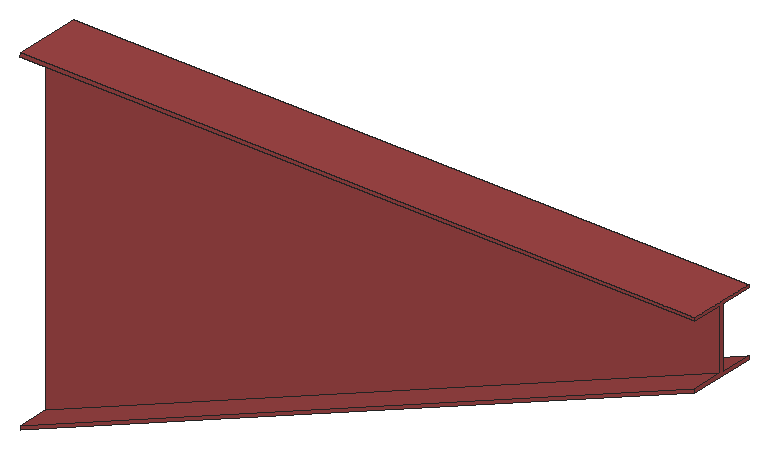
Revit family "Misula_Aco_Lam_UB", category Structural Framing, Revit 2025
Family settings
  Section Shape = I-shape Parallel Flange
  Material for Model Behavior = Steel
  Always export as geometry = No
  OmniClass Number = 23.25.30.11.14.14
  OmniClass Title = Beams
  Always vertical = Yes
  Cut with Voids When Loaded = No
  Symbolic Representation = From Family
  Shared = Yes
  Show family pre-cut in plan views = Yes
Parameters (values of type "VIG_MEN_100X020")
  t = 0.015 m
  s = 0.006 m
  h = 0.600 m
  b = 0.250 m
  Structural Material [instance] = CT_Estrutura_Metalica
  Mensula_L = 0.200 m
  Mensula_H_Menor = 0.200 m
  Mensula_H_Maior = 1.000 m
  Length [instance] = 3.000 m
Reference planes (m)
  plane 1 "Center (Front/Back)": y = 0
  plane 2 "Center Elevation": z = 0
  plane 3 "Center (Left/Right)": x = 0
  plane 4 "Left": x = -1.5
  plane 5 "Member Left": x = -1.25
  plane 6 "Stick Symbol Left": x = -1
  plane 7 "Right": x = 1.5
  plane 8 "Member Right": x = 1.25
  plane 9 "Stick Symbol Right": x = 1
  plane 10: y = -0.1
  plane 11: y = 0.1
  plane 12: z = 0.15
  plane 13: z = -0.85
  plane 14: z = 0.15
  plane 15: z = -0.05
Forms (m)
  SweptBlend 1, solid, material "CT_Estrutura_Metalica" <- "Structural Material"
    path in 3D
      loop
        line (-1, 0, 0) -> (1, 0, 0)
    profile origin (-1, 0, 0) x (0, 1, 0) y (0, 0, 1)
      loop
        line (-0.1, 0.15) -> (-0.1, 0.14) -> (-0.005, 0.14) -> (-0.005, -0.84) -> (-0.1, -0.84) -> (-0.1, -0.85) -> (0.1, -0.85) -> (0.1, -0.84) -> (0.005, -0.84) -> (0.005, 0.14) -> (0.1, 0.14) -> (0.1, 0.15) -> (-0.1, 0.15)
    end profile origin (1, 0, 0) x (0, 1, 0) y (0, 0, 1)
      loop
        line (-0.1, 0.15) -> (-0.1, 0.14) -> (-0.005, 0.14) -> (-0.005, -0.04) -> (-0.1, -0.04) -> (-0.1, -0.05) -> (0.1, -0.05) -> (0.1, -0.04) -> (0.005, -0.04) -> (0.005, 0.14) -> (0.1, 0.14) -> (0.1, 0.15) -> (-0.1, 0.15)
Lines and regions (m)
  model lines, style "Stick Symbols", detail levels coarse
    curve 1: line (-1, 0, 0) -> (1, 0, 0)
  sketch lines
    curve 2: line (-1, 0, 0) -> (1, 0, 0)
Dimensions and locks (m)
  equal spacing: plane 4 "Left", plane 3 "Center (Left/Right)", plane 7 "Right"
  "Length": plane 4 "Left" to plane 7 "Right"
  "Mensula_H_Maior": plane 12 to plane 13
  "Mensula_L": plane 11 to plane 10
  "Mensula_H_Menor": plane 14 to plane 15
  equal spacing: plane 11, plane 1 "Center (Front/Back)", plane 10  (x2)
  locked: SweptBlend 1 sketch curve to SweptBlend 1 sketch curve at 0.01  (x6)
  equal spacing: SweptBlend 1 sketch curve, plane 1 "Center (Front/Back)", SweptBlend 1 sketch curve
  aligned and locked: plane 1 "Center (Front/Back)" to curve 1
  aligned and locked: plane 6 "Stick Symbol Left" to curve 1
  aligned and locked: plane 9 "Stick Symbol Right" to curve 1
  aligned and locked: level to plane 2 "Center Elevation"
  aligned and locked: SweptBlend 1 sketch curve to plane 13
  aligned and locked: plane 12 to SweptBlend 1 sketch curve
  aligned and locked: plane 14 to SweptBlend 1 sketch curve
  aligned and locked: SweptBlend 1 sketch curve to plane 15
Automatic sketch dimensions
  SweptBlend 1 sketch curve to plane 10 = 0.000 m  (x2)
  SweptBlend 1 sketch curve to plane 11 = 0.000 m  (x2)
  SweptBlend 1 sketch curve to SweptBlend 1 sketch curve = 0.000 m
  SweptBlend 1 sketch curve to plane 12 = 0.010 m
  profile plane to SweptBlend 1 sketch curve = 0.100 m  (x2)
  profile plane to SweptBlend 1 sketch curve = 0.005 m
  SweptBlend 1 sketch curve to SweptBlend 1 sketch curve = 0.095 m  (x2)
  SweptBlend 1 sketch curve to plane 14 = 0.010 m
  plane 15 to SweptBlend 1 sketch curve = 0.010 m
